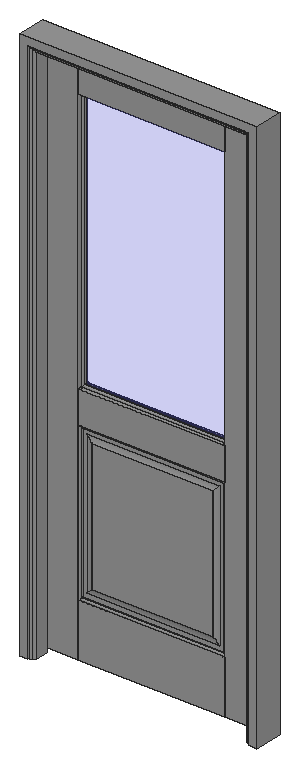
Revit family "I2P 813 GTOP", category Doors, host Wall, Revit 2013
Parameters (values of type "I2P 813 G/TOP")
  Function = Interior
  Frame Projection Ext. = 25 mm
  Frame Projection Int. = 25 mm
  Frame Width = 75 mm
  Height = 2090 mm
  Wall Closure = By host
  Width = 889 mm
Reference planes
  plane 1: y = 0
  plane 2 "Center (Left/Right)": x = 0
  plane 3 "Left": x = -444.5
  plane 4 "Right": x = 444.5
  plane 5: z = 2090
  plane 6 "Exterior": y = 75
  plane 7 "Interior": y = -75
Forms (mm)
  Sweep 1, solid, material "Lauan, Meranti"
    path origin (0, 75, 0) x (1, 0, 0) y (0, 0, 1)
      loop
        line (444.5, 0) -> (444.5, 2090) -> (-444.5, 2090) -> (-444.5, 0)
    profile "Van Acht 105x50 Door Frame Routed Profile (Heavy) : Van Acht 105x50 Door Frame Routed Profile (Heavy)" origin (444.5, 75, 1045) x (-1, 0, 0) y (0, -1, 0)
      loop
        line (0, 22.5) -> (38, 22.5) -> (38, 67.5) -> (50, 67.5) -> (50, 112.5)
        arc (50, 112.5) -> (44.957, 114.29) -> (42.17, 118.859) r 8
        line (42.17, 118.859) -> (39, 118.859)
        arc (39, 118.859) -> (35.311, 122.973) -> (30, 124.5) r 10
        line (30, 124.5) -> (30, 127.5) -> (0, 127.5) -> (0, 22.5)
  Extrusion 2, solid, material "Lauan, Meranti"
    sketch origin (0, -85, 0) x (0, 1, 0) y (0, 0, 1)
      loop
        line (132.5, 20) -> (132.5, 221) -> (130.5, 221)
        arc (130.5, 221) -> (128.866, 225.67) -> (124.5, 228) r 6.807
        line (124.5, 228) -> (124.5, 230) -> (122.5, 230) -> (122.5, 215) -> (102.5, 215) -> (102.5, 230) -> (100.5, 230) -> (100.5, 228)
        arc (100.5, 228) -> (96.134, 225.67) -> (94.5, 221) r 6.807
        line (94.5, 221) -> (92.5, 221) -> (92.5, 20) -> (132.5, 20)
      loop
        line (132.5, 809) -> (132.5, 931) -> (130.5, 931)
        arc (130.5, 931) -> (128.866, 935.67) -> (124.5, 938) r 6.807
        line (124.5, 938) -> (124.5, 940) -> (122.5, 940) -> (122.5, 931) -> (92.5, 931) -> (92.5, 809) -> (94.5, 809)
        arc (94.5, 809) -> (96.134, 804.33) -> (100.5, 802) r 6.807
        line (100.5, 802) -> (100.5, 800) -> (102.5, 800) -> (102.5, 815) -> (122.5, 815) -> (122.5, 800) -> (124.5, 800) -> (124.5, 802)
        arc (124.5, 802) -> (128.866, 804.33) -> (130.5, 809) r 6.807
        line (130.5, 809) -> (132.5, 809)
      loop
        line (130.5, 1921) -> (132.5, 1921) -> (132.5, 2052) -> (92.5, 2052) -> (92.5, 1921) -> (122.5, 1921) -> (122.5, 1912) -> (124.5, 1912) -> (124.5, 1914)
        arc (124.5, 1914) -> (128.866, 1916.33) -> (130.5, 1921) r 6.807
    from -275.5 to 275.5
  Extrusion 3, solid, material "Lauan, Meranti"
    sketch origin (0, 0, 0) x (1, 0, 0) y (0, 1, 0)
      loop
        line (-406.5, 47.5) -> (-406.5, 7.5) -> (-275.5, 7.5) -> (-275.5, 9.5)
        arc (-275.5, 9.5) -> (-270.765, 11.06) -> (-268.5, 15.5) r 6.549
        line (-268.5, 15.5) -> (-266.5, 15.5) -> (-266.5, 17.5) -> (-281.5, 17.5) -> (-281.5, 37.5) -> (-266.5, 37.5) -> (-266.5, 39.5) -> (-268.5, 39.5)
        arc (-268.5, 39.5) -> (-270.765, 43.94) -> (-275.5, 45.5) r 6.549
        line (-275.5, 45.5) -> (-275.5, 47.5) -> (-406.5, 47.5)
      loop
        line (406.5, 47.5) -> (275.5, 47.5) -> (275.5, 45.5)
        arc (275.5, 45.5) -> (270.765, 43.94) -> (268.5, 39.5) r 6.549
        line (268.5, 39.5) -> (266.5, 39.5) -> (266.5, 37.5) -> (281.5, 37.5) -> (281.5, 17.5) -> (266.5, 17.5) -> (266.5, 15.5) -> (268.5, 15.5)
        arc (268.5, 15.5) -> (270.765, 11.06) -> (275.5, 9.5) r 6.549
        line (275.5, 9.5) -> (275.5, 7.5) -> (406.5, 7.5) -> (406.5, 47.5)
    from 20 to 931
  Sweep 4, solid, material "Lauan, Meranti"
    path origin (0, 75, 0) x (1, 0, 0) y (0, 0, 1)
      loop
        line (275.5, 809) -> (-275.5, 809) -> (-275.5, 221) -> (275.5, 221) -> (275.5, 809)
    profile origin (0, 75, 809) x (0, 0, -1) y (0, -1, 0)
      loop
        line (-4.5, 57.5) -> (-4.5, 37.5) -> (25.727, 37.5)
        arc (25.727, 37.5) -> (37.468, 35.847) -> (48.5, 31.5) r 50.456
        line (48.5, 31.5) -> (48.5, 63.5)
        arc (48.5, 63.5) -> (37.468, 59.153) -> (25.727, 57.5) r 50.456
        line (25.727, 57.5) -> (-4.5, 57.5)
  Extrusion 5, solid, material "Lauan, Meranti"
    sketch origin (0, 75, 0) x (1, 0, 0) y (0, 0, 1)
      loop
        line (227, 760.5) -> (-227, 760.5) -> (-227, 269.5) -> (227, 269.5) -> (227, 760.5)
    from 31.5 to 63.5
  Extrusion 6, solid, material "Lauan, Meranti"
    sketch origin (0, 0, 0) x (1, 0, 0) y (0, 1, 0)
      loop
        line (-406.5, 47.5) -> (-406.5, 7.5) -> (-275.5, 7.5) -> (-275.5, 37.5) -> (-266.5, 37.5) -> (-266.5, 39.5) -> (-268.5, 39.5)
        arc (-268.5, 39.5) -> (-270.765, 43.94) -> (-275.5, 45.5) r 6.549
        line (-275.5, 45.5) -> (-275.5, 47.5) -> (-406.5, 47.5)
      loop
        line (406.5, 47.5) -> (275.5, 47.5) -> (275.5, 45.5)
        arc (275.5, 45.5) -> (270.765, 43.94) -> (268.5, 39.5) r 6.549
        line (268.5, 39.5) -> (266.5, 39.5) -> (266.5, 37.5) -> (275.5, 37.5) -> (275.5, 7.5) -> (406.5, 7.5) -> (406.5, 47.5)
    from 931 to 2052
  Extrusion 7, solid, material "Glass"
    sketch origin (0, -75, 0) x (1, 0, 0) y (0, 0, 1)
      loop
        line (-275.5, 1921) -> (-275.5, 931) -> (275.5, 931) -> (275.5, 1921) -> (-275.5, 1921)
    from -112.5 to -106.1
  Sweep 8, solid, material "Lauan, Meranti"
    path origin (0, -75, 0) x (1, 0, 0) y (0, 0, 1)
      loop
        line (-275.5, 1921) -> (-275.5, 931) -> (275.5, 931) -> (275.5, 1921) -> (-275.5, 1921)
    profile origin (0, -75, 1921) x (0, 0, 1) y (0, -1, 0)
      loop
        line (-9, -106.1) -> (0, -106.1) -> (0, -98.1)
        arc (0, -98.1) -> (-4.67, -99.734) -> (-7, -104.1) r 6.807
        line (-7, -104.1) -> (-9, -104.1) -> (-9, -106.1)
Cuts and joins
  joined: Extrusion 3, Extrusion 6
Lines and regions (mm)
  Opening 1
    outline origin (-3050, -75, 0) x (1, 0, 0) y (0, 0, 1)
      loop
        line (2605.5, 0) -> (3494.5, 0) -> (3494.5, 2090) -> (2605.5, 2090) -> (2605.5, 0)
  symbolic lines, style "Elevation Swing"
    curve 1: line (444.5, -75, 1045) -> (-444.5, -75, 2090)
    curve 2: line (444.5, -75, 1045) -> (-444.5, -75, 0)
  model lines
    curve 3: line (406.5, 52.5, 0) -> (406.5, 865.5, 0)
    curve 4: arc (-406.5, 52.5, 0) -> (-168.378, 627.378, 0) -> (406.5, 865.5, 0) r 813
Text (mm)
  text "Exterior" at (-2295.016, 1099.543, 0), in view "Ref. Level"
  text "Exterior" at (0, 1615.38, 3698.081), in view "Left"
  text "Exterior" at (0, 1036.032, 3874.932), in view "Right"
Dimensions and locks
  equal spacing: plane 3 "Left", plane 2 "Center (Left/Right)", plane 4 "Right"
  "Width": plane 3 "Left" to plane 4 "Right"
  "Height": plane 5 to host wall
  equal spacing: host wall, curve 2, plane 5
  host wall to plane 5 = 2090 mm
  locked: plane 6 "Exterior" to host wall at 0
  locked: plane 7 "Interior" to host wall
  plane 3 "Left" to plane 4 "Right" = 889 mm
  Sweep 1 to Sweep 1 = 813 mm
  Extrusion 3 to Sweep 1 = 2032 mm
  aligned and locked: plane 3 "Left" to Opening 1 sketch curve
  aligned and locked: plane 5 to Opening 1 sketch curve  (x2)
  aligned and locked: Opening 1 sketch curve to plane 4 "Right"
  aligned and locked: Opening 1 sketch curve to level
  aligned and locked: plane 5 to curve 1
  aligned and locked: plane 3 "Left" to curve 2
  aligned and locked: plane 1 to host wall
  aligned and locked: plane 3 "Left" to curve 1
Automatic sketch dimensions
  plane 4 "Right" to curve 2 = 0 mm
  curve 2 to level = 0 mm
  plane 3 "Left" to Sweep 1 sketch curve = 0 mm
  plane 4 "Right" to Sweep 1 sketch curve = 0 mm
  Sweep 1 sketch curve to plane 5 = 0 mm
  Sweep 1 sketch curve to level = 0 mm  (x2)
  Extrusion 3 sketch curve to host wall = 7.5 mm  (x2)
  Extrusion 3 sketch curve to plane 3 "Left" = 38 mm
  Extrusion 3 sketch curve to host wall = 37.5 mm  (x2)
  Extrusion 3 sketch curve to Extrusion 3 sketch curve = 125 mm
  Extrusion 3 sketch curve to Extrusion 3 sketch curve = 6 mm  (x7)
  Extrusion 3 sketch curve to Extrusion 3 sketch curve = 7 mm  (x4)
  Extrusion 3 sketch curve to Extrusion 3 sketch curve = 2 mm  (x11)
  plane 4 "Right" to Extrusion 3 sketch curve = 178 mm
  Extrusion 3 sketch curve to Extrusion 3 sketch curve = 0 mm
  plane 4 "Right" to Extrusion 3 sketch curve = 38 mm
  Extrusion 3 sketch curve to Extrusion 3 sketch curve = 0.473 mm
  Extrusion 3 sketch curve to Extrusion 3 sketch curve = 6.527 mm  (x3)
  Extrusion 3 sketch curve to Extrusion 3 sketch curve = 1.468 mm
  Sweep 4 sketch curve to plane 3 "Left" = 169 mm
  level to Sweep 4 sketch curve = 221 mm
  plane 4 "Right" to Sweep 4 sketch curve = 169 mm
  Sweep 4 sketch curve to Sweep 4 sketch curve = 588 mm
  profile plane to Sweep 4 sketch curve = 4.5 mm
  plane 6 "Exterior" to Sweep 4 sketch curve = 31.5 mm
  Sweep 4 sketch curve to profile plane = 25.727 mm
  Sweep 4 sketch curve to Sweep 4 sketch curve = 0 mm
  Sweep 4 sketch curve to Sweep 4 sketch curve = 22.773 mm
  Sweep 4 sketch curve to profile plane = 24.613 mm  (x2)
  plane 6 "Exterior" to Sweep 4 sketch curve = 37.5 mm
  Sweep 4 sketch curve to Sweep 4 sketch curve = 20 mm
  Sweep 4 sketch curve to Sweep 4 sketch curve = 6 mm
  Extrusion 5 sketch curve to plane 3 "Left" = 217.5 mm
  level to Extrusion 5 sketch curve = 269.5 mm
  plane 4 "Right" to Extrusion 5 sketch curve = 217.5 mm
  Extrusion 5 sketch curve to Extrusion 5 sketch curve = 491 mm
  curve 4 to plane 3 "Left" = 38 mm
  plane 4 "Right" to curve 4 = 38 mm
  curve 4 to host wall = 22.5 mm
  curve 3 to curve 4 = 0 mm
  Extrusion 2 sketch curve to host wall = 7.5 mm  (x3)
  level to Extrusion 2 sketch curve = 20 mm
  Extrusion 2 sketch curve to Extrusion 2 sketch curve = 2 mm  (x15)
  Extrusion 2 sketch curve to Extrusion 2 sketch curve = 6 mm  (x7)
  Extrusion 2 sketch curve to Extrusion 2 sketch curve = 8 mm  (x3)
  Extrusion 2 sketch curve to Extrusion 2 sketch curve = 30 mm
  Extrusion 2 sketch curve to Extrusion 2 sketch curve = 20 mm  (x2)
  Extrusion 2 sketch curve to Extrusion 2 sketch curve = 1.197 mm  (x6)
  Extrusion 2 sketch curve to Extrusion 2 sketch curve = 195 mm
  Extrusion 2 sketch curve to Extrusion 2 sketch curve = 7 mm  (x5)
  Extrusion 2 sketch curve to Extrusion 2 sketch curve = 570 mm
  Extrusion 2 sketch curve to Extrusion 2 sketch curve = 0 mm  (x3)
  Extrusion 2 sketch curve to Extrusion 2 sketch curve = 6.241 mm
  Extrusion 2 sketch curve to Extrusion 2 sketch curve = 116 mm
  plane 5 to Extrusion 2 sketch curve = 38 mm
  plane 5 to Extrusion 2 sketch curve = 169 mm
  Extrusion 2 sketch curve to host wall = 37.5 mm
  plane 5 to Extrusion 2 sketch curve = 178 mm
  Extrusion 6 sketch curve to host wall = 7.5 mm  (x2)
  Extrusion 6 sketch curve to plane 3 "Left" = 38 mm
  Extrusion 6 sketch curve to host wall = 37.5 mm  (x2)
  Extrusion 6 sketch curve to Extrusion 6 sketch curve = 131 mm
  Extrusion 6 sketch curve to Extrusion 6 sketch curve = 0 mm
  Extrusion 6 sketch curve to Extrusion 6 sketch curve = 7 mm  (x2)
  Extrusion 6 sketch curve to Extrusion 6 sketch curve = 2 mm  (x5)
  plane 4 "Right" to Extrusion 6 sketch curve = 178 mm
  Extrusion 6 sketch curve to Extrusion 6 sketch curve = 9 mm
  plane 4 "Right" to Extrusion 6 sketch curve = 38 mm
  Extrusion 6 sketch curve to Extrusion 6 sketch curve = 0.473 mm  (x2)
  Extrusion 6 sketch curve to Extrusion 6 sketch curve = 8 mm  (x2)
  Extrusion 6 sketch curve to host wall = 27.5 mm
  Extrusion 7 sketch curve to plane 3 "Left" = 169 mm
  level to Extrusion 7 sketch curve = 931 mm
  plane 4 "Right" to Extrusion 7 sketch curve = 169 mm
  plane 5 to Extrusion 7 sketch curve = 169 mm
  Sweep 8 sketch curve to plane 3 "Left" = 169 mm
  level to Sweep 8 sketch curve = 931 mm
  plane 4 "Right" to Sweep 8 sketch curve = 169 mm
  plane 5 to Sweep 8 sketch curve = 169 mm
  profile plane to Sweep 8 sketch curve = 0 mm
  profile plane to Sweep 8 sketch curve = 7 mm
  Sweep 8 sketch curve to Sweep 8 sketch curve = 2 mm  (x2)
  profile plane to Sweep 8 sketch curve = 0.241 mm
  Sweep 8 sketch curve to Sweep 8 sketch curve = 8 mm
  Sweep 8 sketch curve to plane 7 "Interior" = 106.1 mm
